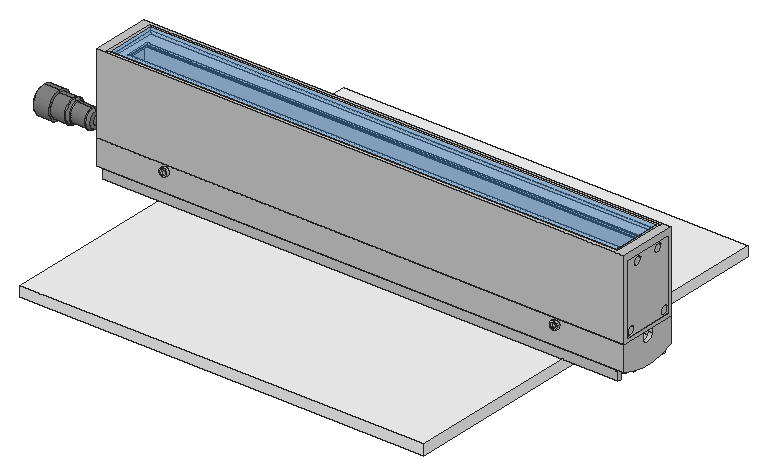
Revit family "BE_77154_de_DE", category Leuchten, Revit 2015
Parameters (values of type "BEGA_77154_Silber_K4")
  built-in parameter 1150104 = 13.686 (stored number, unit not read)
  Wattage = 16.8 W
  Default Elevation = 0 mm
  built-in parameter 1150113 = 1 (stored number, unit not read)
  built-in parameter 1114218 = 1 (stored number, unit not read)
  Umgebungstemperatur = "25 °C"
  URL = "http://www.bega.de/produkt/77154"
  Typenkommentare = "© 2017 BEGA. Wir behalten uns das Recht vor, technische Änderungen ohne vorherige Ankündigung vorzunehmen."  # constant formula
  Type Image = 77154.png
  built-in parameter 1150134 = 12
  built-in parameter 1150109 = 1 (stored number, unit not read)
  Strom = ""
  built-in parameter 1150110 = 1 (stored number, unit not read)
  Spannung = 239.996 V
  Sonderanfertigung = no
  Seriennummer [instance] = "Hier können Sie die eindeutige Seriennummer für das Facility Management eintragen."
  Schutzklasse = "I"
  Schutzart = "IP 65"
  Scheinlast = 0 VA
  Produktdatenblatt = "http://www.bega.de/download/Xrfa/db/77154.db.de.pdf"
  Oberflächentemperatur = ""
  Neigungswinkel = 0.00°
  Modell = "77154A"
  Material_18 = BEGA_Gummi_schwarz
  Material_17 = BEGA_Reflektor
  Material_15 = BEGA_Leuchtmedium_matt
  Material_11 = BEGA_Glas_opal
  Material_10 = BEGA_Glas_matt
  Material_09 = BEGA_Glas_klar
  Material_06 = BEGA_Oberfläche_Edelstahl_gebürstet
  Material_04 = BEGA_Kunststoff_Grafit_matt
  Material_03 = BEGA_Oberfläche_Weiss_matt
  Material_02 = BEGA_Oberfläche_Silber_matt
  Material_01 [instance] = BEGA_Oberfläche_Grafit_matt
  M_G = no
  M_A = yes
  Logo = 0
  built-in parameter 1114217 = 1 (stored number, unit not read)
  built-in parameter 1150139 = (empty or 0)
  built-in parameter 1150105 = 196.95 (stored number, unit not read)
  built-in parameter 1150114 = 1 (stored number, unit not read)
  Lumens = 2474.98 lm
  built-in parameter 1150115 = 1 (stored number, unit not read)
  Leuchtenlichtstrom = "1172 lm"
  Leuchtenanzahl = ""
  Lebensdauerkriterien = "L70 = 50.000 h"
  Lastklassifizierung = Beleuchtung
  built-in parameter 1150112 = 1 (stored number, unit not read)
  Lampenlichtstrom = "2475 lm"
  Lampe = "LED 16.8 W"
  LED_Modulbezeichnung = "LED-0612/840"
  built-in parameter 1150142 = (empty or 0)
  Hersteller = "BEGA"  # constant formula
  Halbstreuwinkel = ""
  Gewicht = "3.0 kg"
  Gebrauchslageneinschränkung [instance] = ""
  Frequenz = "0/50-60 Hz"
  Farbwiedergabeindex = "Ra > 80"
  Farbtemperaturverschiebung bei Dämpfen der Lampe = <Keine Auswahl>
  Farbtemperatur = "4000 K"
  Color Filter = 16777215
  built-in parameter 1150133 = 10 (stored number, unit not read)
  Energieeffizienzklasse = "LED A++ - A"
  built-in parameter 1150137 = (empty or 0)
  built-in parameter 1150132 = (empty or 0)
  ENEC = ""
  Dimmbar [instance] = "DALI"
  Datei für fotometrisches Netz = "BE_77154.IES"
  CE_Konformität = "ja"
  Bestellnummer = "77154A"
  Beschreibung_Sonderanfertigung = "Hier können Sie Informationen zur Sonderanfertigung eintragen."
  Beschreibung = "Fassadenscheinwerfer"
  built-in parameter 1150106 = 1.9695 (stored number, unit not read)
  Befestigungsbohrung = "Ø 7 mm"
  Befestigungsabstand = "400 mm"
  Ballwurfsicher = ""
  BEGA_Intern_aus = yes
  BEGA_Intern_an = yes
  BEGA_Intern_Konstruktion = yes
  BEGA_Intern = yes
  BEGA_IES = yes
  BEGA_Dummy = no
  Anschlussleitung = "0.5 m X05BQ-F 5 G 1²"
  Anschlussleistung [instance] = "19.5 W"
  built-in parameter 1150107 = 4000 (stored number, unit not read)
  built-in parameter 1150102 = (empty or 0)
  built-in parameter 1150138 = (empty or 0)
  Aktualisierung = "2017-01-26T04:13:31"
  Abstand_zur_angestrahlten_Fläche [instance] = ""
  AC/DC = "AC/DC"
Types (4, lengths in mm): name | built-in parameter 1150104 | built-in parameter 1150134 | Modell | M_G | M_A | built-in parameter 1150105 | Lumens | Leuchtenlichtstrom | Lampenlichtstrom | LED_Modulbezeichnung | Farbtemperatur | Datei für fotometrisches Netz | Bestellnummer | built-in parameter 1150106 | built-in parameter 1150107
  BEGA_77154_Silber_K4 | 13.686 (stored number, unit not read) | 12 | "77154A" | no | yes | 196.95 (stored number, unit not read) | 2474.98 lm | "1172 lm" | "2475 lm" | "LED-0612/840" | "4000 K" | "BE_77154.IES" | "77154A" | 1.9695 (stored number, unit not read) | 4000 (stored number, unit not read)
  BEGA_77154_Silber_K3 | 12.525 (stored number, unit not read) | (empty or 0) | "77154AK3" | no | yes | 180.24 (stored number, unit not read) | 2264.98 lm | "1072 lm" | "2265 lm" | "LED-0612/830" | "3000 K" | "BE_77154K3.IES" | "77154AK3" | 1.8024 (stored number, unit not read) | 3000 (stored number, unit not read)
  BEGA_77154_Grafit_K3 | 12.525 (stored number, unit not read) | (empty or 0) | "77154K3" | yes | no | 180.24 (stored number, unit not read) | 2264.98 lm | "1072 lm" | "2265 lm" | "LED-0612/830" | "3000 K" | "BE_77154K3.IES" | "77154K3" | 1.8024 (stored number, unit not read) | 3000 (stored number, unit not read)
  BEGA_77154_Grafit_K4 | 13.686 (stored number, unit not read) | 12 | "77154" | yes | no | 196.95 (stored number, unit not read) | 2474.98 lm | "1172 lm" | "2475 lm" | "LED-0612/840" | "4000 K" | "BE_77154.IES" | "77154" | 1.9695 (stored number, unit not read) | 4000 (stored number, unit not read)
Reference planes
  plane 1 "Mitte (Vorne/Hinten)": y = 0
  plane 2: z = 0
  plane 3 "Mitte (Links/Rechts)": x = 0
  plane 4 "Links": x = -261
  plane 5 "Rechts": x = 261
  plane 6 "Unten": y = -29
  plane 7 "Oben": y = 29
  plane 8 "Vorne": z = 113.3
  plane 9 "Hinten": z = 0
Forms (mm)
  Extrusion 1, solid, material "BEGA_Platte_Weiss"
    sketch origin (0, -1119.2, 0) x (1, 0, 0) y (0, 1, 0)
      loop
        line (-200, 1319.2) -> (-200, 919.2) -> (200, 919.2) -> (200, 1319.2) -> (-200, 1319.2)
    from 0 to -10
  Extrusion 2, solid, material "BEGA_Dummy_matt", visible <- "BEGA_Dummy"
    sketch origin (80.095, -76.023, 0) x (1, 0, 0) y (0, 1, 0)
      loop
        line (-341.095, 105.023) -> (-341.095, 47.023) -> (180.905, 47.023) -> (180.905, 105.023) -> (-341.095, 105.023)
    from 0 to 113.3
Dimensions and locks
  plane 1 "Mitte (Vorne/Hinten)" to Extrusion 1 = 200 mm
  aligned and locked: plane 2 to Extrusion 1
  aligned and locked: level to Extrusion 1
Nested families
  nested 1: "BE_77154_Scheinwerfer" at (0, 0, 0), type "BE_77154_Scheinwerfer"
Connectors
  electrical at (0, 0, 0), driven by "Lastklassifizierung", driven by "Spannung", driven by "Scheinlast"
    settings: index 1, voltage 239.996 V, apparent load 0 VA, apparent load phase1 0 VA, apparent load phase2 0 VA, apparent load phase3 0 VA, power factor 1, load classification "Beleuchtung", number of poles 1, system type 31, power factor state 1, is connector primary yes, connector utility no, sub classification motor no, connector description ""
Definition of nested family "BE_77154_Scheinwerfer"
  Parameters (values of type "BE_77154_Scheinwerfer")
    Default Elevation = 1 mm
    URL = "http://www.bega.de/de/produkt"
    Type Comments = "© 2015 BEGA. Wir behalten uns das Recht vor, technische Änderungen ohne vorherige Ankündigung vorzunehmen. "  # constant formula
    Type Image = (empty or 0)
    Material_18 = none
    Material_17 = none
    Material_15 = none
    Material_11 = none
    Material_10 = none
    Material_09 = none
    Material_06 = none
    Material_04 = none
    Material_03 = none
    Material_02 = none
    Material_01 = none
    M_W = yes
    M_G = yes
    M_A = yes
    Länge_Platte = 600 mm  # constant formula
    Höhe_Platte = -10 mm  # constant formula
    Manufacturer = "BEGA"  # constant formula
    Breite_Platte = 200 mm  # constant formula
  Reference planes
    plane 1 "Mitte (Oben/Unten)": y = 0
    plane 2: z = 0
    plane 3 "Mitte (Links/Rechts)": x = 0
    plane 4: x = -342.9
    plane 5: x = 261
    plane 6: z = 113.3
    plane 7: y = -29
    plane 8: y = 29
  Forms (mm)
    Extrusion 1, solid, detail levels medium
      sketch origin (0, 0, 0) x (1, 0, 0) y (0, 1, 0)
        loop
          line (-300, 100) -> (-300, -100) -> (300, -100) -> (300, 100) -> (-300, 100)
      from 0 to -10 <- "Höhe_Platte"
    Extrusion 2, solid, material <- "Material_01", visible <- "M_G", detail levels medium+fine
      sketch origin (0, 0, 0) x (0, 1, 0) y (0, 0, 1)
        loop
          line (-29, 0) -> (-26.3, 0) -> (-26.3, 4.91)
          arc (-26.3, 4.91) -> (-26.086, 5.32) -> (-25.627, 5.379) r 0.5
          arc (-25.627, 5.379) -> (-17.92, 3.003) -> (-10, 1.479) r 74
          line (-10, 1.479) -> (-10, 0.2) -> (10, 0.2) -> (10, 1.482)
          arc (10, 1.482) -> (17.921, 3.006) -> (25.629, 5.383) r 73.998
          arc (25.629, 5.383) -> (26.086, 5.326) -> (26.299, 4.918) r 0.497
          line (26.299, 4.918) -> (26.299, 0) -> (29, 0) -> (29, 8.899)
          arc (29, 8.899) -> (28.775, 9.317) -> (28.302, 9.358) r 0.5
          arc (28.302, 9.358) -> (0, 3.5) -> (-28.301, 9.358) r 71.3
          arc (-28.301, 9.358) -> (-28.774, 9.317) -> (-29, 8.899) r 0.5
          line (-29, 8.899) -> (-29, 0)
      from -255 to 255
    Extrusion 3, solid, material <- "Material_01", visible <- "M_G", detail levels medium+fine
      sketch origin (0, 0, 0) x (0, 1, 0) y (0, 0, 1)
        loop
          arc (-29, 9.993) -> (0, 3.8) -> (29, 9.993) r 71
          line (29, 9.993) -> (29, 34.8) -> (25.401, 34.8) -> (25.401, 12.395)
          arc (25.401, 12.395) -> (0, 7.696) -> (-25.401, 12.395) r 71
          line (-25.401, 12.395) -> (-25.401, 34.8) -> (-29, 34.8) -> (-29, 9.993)
      from -261 to 261
    Sweep 4, solid, material <- "Material_01", visible <- "M_G", detail levels medium+fine
      path origin (0, 0, 0) x (1, 0, 0) y (0, 1, 0)
        loop
          line (-261, 29) -> (-261, -29) -> (261, -29) -> (261, 29) -> (-261, 29)
      profile origin (-261, 0, 0) x (1, 0, 0) y (0, 0, 1)
        loop
          line (0, 113.3) -> (0, 34.8) -> (11, 34.8) -> (11, 40.679) -> (3.5, 40.679) -> (3.5, 103.406) -> (17.035, 103.406)
          arc (17.035, 103.406) -> (17.719, 103.711) -> (18, 104.406) r 1
          line (18, 104.406) -> (18, 105.896)
          arc (18, 105.896) -> (17.713, 106.596) -> (17.017, 106.895) r 1
          line (17.017, 106.895) -> (11.125, 106.895) -> (8.794, 113.3) -> (0, 113.3)
    Extrusion 5, void
      sketch origin (0, 0, 0) x (1, 0, 0) y (0, 0, 1)
        loop
          line (261, 37.756) -> (261, 107.746) -> (258.218, 107.746) -> (258.218, 37.756) -> (261, 37.756)
      from -26.267 to 26.244
    Extrusion 6, solid, material <- "Material_01", visible <- "M_G", detail levels medium+fine
      sketch origin (0, 0, 0) x (1, 0, 0) y (0, 0, 1)
        loop
          line (260.719, 106.748) -> (258.218, 106.748) -> (258.218, 38.353) -> (260.719, 38.353) -> (260.719, 106.748)
      from -25.5 to 25.5
    Extrusion 7, solid, material <- "Material_01", visible <- "M_G", detail levels medium+fine
      sketch origin (0, 0, 0) x (0, 1, 0) y (0, 0, 1)
        loop
          line (-29, 34.8) -> (-29, 9.993)
          arc (-29, 9.993) -> (0, 3.8) -> (29, 9.993) r 71
          line (29, 9.993) -> (29, 34.8) -> (6, 34.8) -> (6, 29.8)
          arc (6, 29.8) -> (0, 23.8) -> (-6, 29.8) r 6
          line (-6, 29.8) -> (-6, 34.8) -> (-29, 34.8)
      from 257 to 261
    Extrusion 8, solid, material <- "Material_01", visible <- "M_G", detail levels medium+fine
      sketch origin (0, 0, 0) x (0, 1, 0) y (0, 0, -1)
        loop
          line (-29, -34.8) -> (-6, -34.8) -> (-6, -29.8)
          arc (-6, -29.8) -> (0, -23.8) -> (6, -29.8) r 6
          line (6, -29.8) -> (6, -34.8) -> (29, -34.8) -> (29, -10.487)
          arc (29, -10.487) -> (0, -4.294) -> (-29, -10.487) r 71
          line (-29, -10.487) -> (-29, -34.8)
      from 257 to 261
    Extrusion 9, void
      sketch origin (0, 0, 0) x (1, 0, 0) y (0, 1, 0)
        loop
          circle (0, 0) r 7.5
        loop
          circle (-200, 0) r 3.5
        loop
          circle (200, 0) r 3.5
      from 0 to 10
    Revolve 10, solid, material <- "Material_01", visible <- "M_G", detail levels medium+fine
      sketch origin (-193, 0, 0) x (0, 1, 0) y (0, 0, 1)
        loop
          line (-31.453, 32.75) -> (-31.453, 31.8) -> (-27.5, 31.8) -> (-27.5, 32.75) -> (-31.453, 32.75)
        axis (-31.453, 28.8) -> (-27.5, 28.8)
      angle from 0 to 360
    Revolve 11, solid, material <- "Material_01", visible <- "M_G", detail levels medium+fine
      sketch origin (193, 0, 0) x (0, 1, 0) y (0, 0, -1)
        loop
          line (-31.453, -32.75) -> (-27.5, -32.75) -> (-27.5, -31.8) -> (-31.453, -31.8) -> (-31.453, -32.75)
        axis (-31.453, -28.8) -> (-27.5, -28.8)
      angle from 0 to 360
    Revolve 12, solid, material <- "Material_06", detail levels fine
      sketch origin (-193, 0, 0) x (0, 1, 0) y (0, 0, 1)
        loop
          line (-30.053, 31.8) -> (-30.053, 28.8) -> (-26.193, 28.8) -> (-26.193, 31.8) -> (-30.053, 31.8)
        axis (-30.053, 28.8) -> (-26.193, 28.8)
      angle from 0 to 360
    Revolve 13, solid, material <- "Material_06", detail levels fine
      sketch origin (193, 0, 0) x (0, 1, 0) y (0, 0, -1)
        loop
          line (-30.053, -31.8) -> (-26.193, -31.8) -> (-26.193, -28.8) -> (-30.053, -28.8) -> (-30.053, -31.8)
        axis (-30.053, -28.8) -> (-26.193, -28.8)
      angle from 0 to 360
    Revolve 14, solid, material <- "Material_04", detail levels medium+fine
      sketch origin (0, 0, 0) x (1, 0, 0) y (0, 0, 1)
        loop
          line (-320.8, 43.3) -> (-335.5, 43.3) -> (-336.7, 42.1) -> (-336.7, 32.8) -> (-342.9, 32.8) -> (-342.9, 29.8) -> (-260.5, 29.8) -> (-260.5, 34.15) -> (-284, 34.15) -> (-284, 37.8) -> (-287, 39.3) -> (-288, 39.3)
          arc (-288, 39.3) -> (-288.146, 38.947) -> (-288.5, 38.8) r 0.5
          line (-288.5, 38.8) -> (-302.464, 38.8)
          arc (-302.464, 38.8) -> (-303.418, 38.99) -> (-304.228, 39.528) r 2.5
          line (-304.228, 39.528) -> (-305.707, 41.008)
          arc (-305.707, 41.008) -> (-306.032, 41.224) -> (-306.414, 41.3) r 1
          line (-306.414, 41.3) -> (-320, 41.3) -> (-320, 39.8) -> (-320.8, 39.8) -> (-320.8, 43.3)
        axis (-342.9, 29.8) -> (-260.5, 29.8)
      angle from 0 to 360
    Revolve 15, void
      sketch origin (0, -12.5, -0.101) x (1, 0, 0) y (0, 0, 1)
        loop
          line (261.225, 106.482) -> (258.494, 103.752) -> (258.494, 101.902) -> (261.225, 101.902) -> (261.225, 106.482)
        axis (258.494, 101.902) -> (261.225, 101.902)
      angle from 0 to 360
    Revolve 16, void
      sketch origin (0, 12.5, -0.101) x (1, 0, 0) y (0, 0, -1)
        loop
          line (261.225, -106.482) -> (261.225, -101.902) -> (258.494, -101.902) -> (258.494, -103.752) -> (261.225, -106.482)
        axis (258.494, -101.902) -> (261.225, -101.902)
      angle from 0 to 360
    Revolve 17, void
      sketch origin (0, -20.5, -58.602) x (1, 0, 0) y (0, 0, 1)
        loop
          line (261.225, 106.482) -> (258.494, 103.752) -> (258.494, 101.902) -> (261.225, 101.902) -> (261.225, 106.482)
        axis (258.494, 101.902) -> (261.225, 101.902)
      angle from 0 to 360
    Revolve 18, void
      sketch origin (0, 20.5, -58.602) x (1, 0, 0) y (0, 0, -1)
        loop
          line (261.225, -106.482) -> (261.225, -101.902) -> (258.494, -101.902) -> (258.494, -103.752) -> (261.225, -106.482)
        axis (258.494, -101.902) -> (261.225, -101.902)
      angle from 0 to 360
    Extrusion 19, solid, material <- "Material_06", detail levels fine
      sketch origin (0, 0, 0) x (0, 1, 0) y (0, 0, 1)
        loop
          circle (-12.5, 101.8) r 4.009
        loop
          circle (12.5, 101.8) r 4.009
        loop
          circle (-20.5, 43.3) r 4.009
        loop
          circle (20.5, 43.3) r 4.009
      from 259.244 to 260.506
    Extrusion 20, solid, material <- "Material_10", detail levels medium+fine
      sketch origin (0, 0, 0) x (1, 0, 0) y (0, 0, 1)
        loop
          line (-250.25, 113) -> (-250.25, 109) -> (250.25, 109) -> (250.25, 113) -> (-250.25, 113)
      from -25 to 25
    Sweep 21, void
      path origin (0, 0, 0) x (1, 0, 0) y (0, 1, 0)
        loop
          line (255, 29) -> (-255, 29) -> (-255, -29) -> (255, -29) -> (255, 29)
      profile origin (0, 29, 0) x (0, -1, 0) y (0, 0, 1)
        loop
          line (12.06, 106.895) -> (9.517, 113.881) -> (2.237, 113.881) -> (4.779, 106.895) -> (12.06, 106.895)
    Extrusion 22, solid, material <- "Material_02", visible <- "M_A", detail levels medium+fine
      sketch origin (0, 0, 0) x (0, 1, 0) y (0, 0, 1)
        loop
          line (-29, 0) -> (-26.3, 0) -> (-26.3, 4.91)
          arc (-26.3, 4.91) -> (-26.086, 5.32) -> (-25.627, 5.379) r 0.5
          arc (-25.627, 5.379) -> (-17.92, 3.003) -> (-10, 1.479) r 74
          line (-10, 1.479) -> (-10, 0.2) -> (10, 0.2) -> (10, 1.482)
          arc (10, 1.482) -> (17.921, 3.006) -> (25.629, 5.383) r 73.998
          arc (25.629, 5.383) -> (26.086, 5.326) -> (26.299, 4.918) r 0.497
          line (26.299, 4.918) -> (26.299, 0) -> (29, 0) -> (29, 8.899)
          arc (29, 8.899) -> (28.775, 9.317) -> (28.302, 9.358) r 0.5
          arc (28.302, 9.358) -> (0, 3.5) -> (-28.301, 9.358) r 71.3
          arc (-28.301, 9.358) -> (-28.774, 9.317) -> (-29, 8.899) r 0.5
          line (-29, 8.899) -> (-29, 0)
      from -255 to 255
    Extrusion 23, solid, material <- "Material_02", visible <- "M_A", detail levels medium+fine
      sketch origin (0, 0, 0) x (0, 1, 0) y (0, 0, 1)
        loop
          arc (-29, 9.993) -> (0, 3.8) -> (29, 9.993) r 71
          line (29, 9.993) -> (29, 34.8) -> (25.401, 34.8) -> (25.401, 12.395)
          arc (25.401, 12.395) -> (0, 7.696) -> (-25.401, 12.395) r 71
          line (-25.401, 12.395) -> (-25.401, 34.8) -> (-29, 34.8) -> (-29, 9.993)
      from -261 to 261
    Extrusion 24, solid, material <- "Material_02", visible <- "M_A", detail levels medium+fine
      sketch origin (0, 0, 0) x (0, 1, 0) y (0, 0, 1)
        loop
          line (-29, 34.8) -> (-29, 9.993)
          arc (-29, 9.993) -> (0, 3.8) -> (29, 9.993) r 71
          line (29, 9.993) -> (29, 34.8) -> (6, 34.8) -> (6, 29.8)
          arc (6, 29.8) -> (0, 23.8) -> (-6, 29.8) r 6
          line (-6, 29.8) -> (-6, 34.8) -> (-29, 34.8)
      from 257 to 261
    Extrusion 25, solid, material <- "Material_02", visible <- "M_A", detail levels medium+fine
      sketch origin (0, 0, 0) x (0, 1, 0) y (0, 0, -1)
        loop
          line (-29, -34.8) -> (-6, -34.8) -> (-6, -29.8)
          arc (-6, -29.8) -> (0, -23.8) -> (6, -29.8) r 6
          line (6, -29.8) -> (6, -34.8) -> (29, -34.8) -> (29, -10.487)
          arc (29, -10.487) -> (0, -4.294) -> (-29, -10.487) r 71
          line (-29, -10.487) -> (-29, -34.8)
      from 257 to 261
    Revolve 26, solid, material <- "Material_02", visible <- "M_A", detail levels medium+fine
      sketch origin (-193, 0, 0) x (0, 1, 0) y (0, 0, 1)
        loop
          line (-31.453, 32.75) -> (-31.453, 31.8) -> (-27.5, 31.8) -> (-27.5, 32.75) -> (-31.453, 32.75)
        axis (-31.453, 28.8) -> (-27.5, 28.8)
      angle from 0 to 360
    Revolve 27, solid, material <- "Material_02", visible <- "M_A", detail levels medium+fine
      sketch origin (193, 0, 0) x (0, 1, 0) y (0, 0, -1)
        loop
          line (-31.453, -32.75) -> (-27.5, -32.75) -> (-27.5, -31.8) -> (-31.453, -31.8) -> (-31.453, -32.75)
        axis (-31.453, -28.8) -> (-27.5, -28.8)
      angle from 0 to 360
    Sweep 28, solid, material <- "Material_02", visible <- "M_A", detail levels medium+fine
      path origin (0, 0, 0) x (1, 0, 0) y (0, 1, 0)
        loop
          line (-261, 29) -> (-261, -29) -> (261, -29) -> (261, 29) -> (-261, 29)
      profile origin (-261, 0, 0) x (1, 0, 0) y (0, 0, 1)
        loop
          line (0, 113.3) -> (0, 34.8) -> (11, 34.8) -> (11, 40.679) -> (3.5, 40.679) -> (3.5, 103.406) -> (17.035, 103.406)
          arc (17.035, 103.406) -> (17.719, 103.711) -> (18, 104.406) r 1
          line (18, 104.406) -> (18, 105.896)
          arc (18, 105.896) -> (17.713, 106.596) -> (17.017, 106.895) r 1
          line (17.017, 106.895) -> (11.125, 106.895) -> (8.794, 113.3) -> (0, 113.3)
    Extrusion 29, solid, material <- "Material_02", visible <- "M_A", detail levels medium+fine
      sketch origin (0, 0, 0) x (1, 0, 0) y (0, 0, 1)
        loop
          line (260.719, 106.748) -> (258.218, 106.748) -> (258.218, 38.353) -> (260.719, 38.353) -> (260.719, 106.748)
      from -25.5 to 25.5
  Cuts and joins
    Extrusion 5, Sweep 21 cuts Sweep 4
    Extrusion 9 cuts Extrusion 3
    Extrusion 9 cuts Extrusion 7
    Extrusion 9 cuts Extrusion 8
    joined: Extrusion 3, Extrusion 7, Extrusion 8, Revolve 10, Revolve 11
    Extrusion 9 cuts Extrusion 2
    Revolve 15, Revolve 16, Revolve 17, Revolve 18 cuts Extrusion 6
    Extrusion 9 cuts Extrusion 22
    joined: Extrusion 23, Extrusion 24, Extrusion 25, Revolve 26, Revolve 27
    Extrusion 5, Sweep 21 cuts Sweep 28
    Revolve 15, Revolve 16, Revolve 17, Revolve 18 cuts Extrusion 29
  Dimensions and locks
    equal spacing: Extrusion 1 sketch curve, plane 3 "Mitte (Links/Rechts)", Extrusion 1 sketch curve
    equal spacing: Extrusion 1 sketch curve, plane 1 "Mitte (Oben/Unten)", Extrusion 1 sketch curve
    "Länge_Platte": Extrusion 1 sketch curve to Extrusion 1 sketch curve
    "Breite_Platte": Extrusion 1 sketch curve to Extrusion 1 sketch curve
    level to Extrusion 3 = 34.8 mm
    aligned and locked: Extrusion 1 to plane 2
    aligned and locked: level to Extrusion 1
  Automatic sketch dimensions
    Extrusion 2 sketch curve to Extrusion 2 sketch curve = 0 mm  (x5)
    Extrusion 2 sketch curve to level = 0 mm  (x2)
    level to Extrusion 2 sketch curve = 8.899 mm
    plane 1 "Mitte (Oben/Unten)" to Extrusion 2 sketch curve = 29 mm
    Extrusion 2 sketch curve to Extrusion 2 sketch curve = 0.5 mm  (x2)
    Extrusion 2 sketch curve to Extrusion 2 sketch curve = 2.7 mm
    level to Extrusion 2 sketch curve = 0.2 mm
    plane 1 "Mitte (Oben/Unten)" to Extrusion 2 sketch curve = 10 mm
    Extrusion 2 sketch curve to plane 1 "Mitte (Oben/Unten)" = 0 mm  (x2)
    Extrusion 2 sketch curve to plane 1 "Mitte (Oben/Unten)" = 10 mm
    level to Extrusion 2 sketch curve = 4.918 mm
    Extrusion 2 sketch curve to Extrusion 2 sketch curve = 15.802 mm
    Extrusion 2 sketch curve to Extrusion 2 sketch curve = 0.497 mm
    Extrusion 2 sketch curve to Extrusion 2 sketch curve = 2.201 mm
    Extrusion 2 sketch curve to Extrusion 2 sketch curve = 2.701 mm
    Extrusion 2 sketch curve to Extrusion 2 sketch curve = 1.279 mm
    Extrusion 2 sketch curve to Extrusion 2 sketch curve = 1.282 mm
    Extrusion 2 sketch curve to Extrusion 2 sketch curve = 3.989 mm
    Extrusion 2 sketch curve to Extrusion 2 sketch curve = 3.981 mm
    Extrusion 2 sketch curve to Extrusion 2 sketch curve = 65.901 mm
    Extrusion 2 sketch curve to Extrusion 2 sketch curve = 0.002 mm
    Extrusion 2 sketch curve to Extrusion 2 sketch curve = 0.198 mm  (x2)
    Extrusion 3 sketch curve to plane 1 "Mitte (Oben/Unten)" = 0 mm  (x2)
    plane 1 "Mitte (Oben/Unten)" to Extrusion 3 sketch curve = 25.401 mm
    Extrusion 3 sketch curve to Extrusion 3 sketch curve = 3.599 mm  (x2)
    level to Extrusion 3 sketch curve = 12.395 mm
    Extrusion 3 sketch curve to plane 1 "Mitte (Oben/Unten)" = 25.401 mm
    Extrusion 3 sketch curve to Extrusion 3 sketch curve = 2.402 mm
    Extrusion 3 sketch curve to Extrusion 3 sketch curve = 22.405 mm  (x2)
    Extrusion 3 sketch curve to Extrusion 3 sketch curve = 40 mm
    Extrusion 3 sketch curve to Extrusion 3 sketch curve = 3.895 mm
    plane 1 "Mitte (Oben/Unten)" to Sweep 4 sketch curve = 29 mm
    Sweep 4 sketch curve to plane 3 "Mitte (Links/Rechts)" = 261 mm
    plane 3 "Mitte (Links/Rechts)" to Sweep 4 sketch curve = 261 mm
    Sweep 4 sketch curve to plane 1 "Mitte (Oben/Unten)" = 29 mm
    profile plane to Sweep 4 sketch curve = 0 mm
    Sweep 4 sketch curve to profile plane = 3.5 mm
    Sweep 4 sketch curve to profile plane = 8.794 mm
    Sweep 4 sketch curve to Sweep 4 sketch curve = 7.5 mm
    Sweep 4 sketch curve to Sweep 4 sketch curve = 2.331 mm
    Sweep 4 sketch curve to Sweep 4 sketch curve = 5.875 mm
    Sweep 4 sketch curve to Sweep 4 sketch curve = 0 mm
    Sweep 4 sketch curve to Sweep 4 sketch curve = 0.017 mm
    Sweep 4 sketch curve to Sweep 4 sketch curve = 0.035 mm
    Sweep 4 sketch curve to Sweep 4 sketch curve = 1 mm
    level to Sweep 4 sketch curve = 34.8 mm
    Sweep 4 sketch curve to Sweep 4 sketch curve = 5.878 mm
    Sweep 4 sketch curve to Sweep 4 sketch curve = 62.728 mm
    Sweep 4 sketch curve to Sweep 4 sketch curve = 1.49 mm
    Sweep 4 sketch curve to Sweep 4 sketch curve = 9.894 mm
    level to Extrusion 5 sketch curve = 37.756 mm
    plane 3 "Mitte (Links/Rechts)" to Extrusion 5 sketch curve = 258.218 mm
    Extrusion 5 sketch curve to Extrusion 5 sketch curve = 2.782 mm
    Extrusion 5 sketch curve to Extrusion 5 sketch curve = 69.99 mm
    level to Extrusion 6 sketch curve = 38.353 mm
    plane 3 "Mitte (Links/Rechts)" to Extrusion 6 sketch curve = 258.218 mm
    Extrusion 6 sketch curve to Extrusion 6 sketch curve = 2.501 mm
    Extrusion 6 sketch curve to Extrusion 6 sketch curve = 68.395 mm
    Extrusion 7 sketch curve to plane 1 "Mitte (Oben/Unten)" = 0 mm  (x2)
    plane 1 "Mitte (Oben/Unten)" to Extrusion 7 sketch curve = 6 mm
    Extrusion 7 sketch curve to Extrusion 7 sketch curve = 23 mm
    level to Extrusion 7 sketch curve = 9.993 mm
    Extrusion 7 sketch curve to plane 1 "Mitte (Oben/Unten)" = 29 mm
    level to Extrusion 7 sketch curve = 29.8 mm
    Extrusion 7 sketch curve to Extrusion 7 sketch curve = 5 mm  (x2)
    Extrusion 7 sketch curve to Extrusion 7 sketch curve = 40 mm
    Extrusion 8 sketch curve to plane 1 "Mitte (Oben/Unten)" = 0 mm  (x2)
    plane 1 "Mitte (Oben/Unten)" to Extrusion 8 sketch curve = 6 mm
    Extrusion 8 sketch curve to Extrusion 8 sketch curve = 23 mm
    level to Extrusion 8 sketch curve = 10.487 mm
    Extrusion 8 sketch curve to plane 1 "Mitte (Oben/Unten)" = 29 mm
    level to Extrusion 8 sketch curve = 29.8 mm
    Extrusion 8 sketch curve to Extrusion 8 sketch curve = 5 mm  (x2)
    Extrusion 8 sketch curve to Extrusion 8 sketch curve = 40.494 mm
    Extrusion 9 sketch curve to plane 1 "Mitte (Oben/Unten)" = 0 mm
    plane 1 "Mitte (Oben/Unten)" to Extrusion 9 sketch curve = 0 mm  (x2)
    Extrusion 9 sketch curve to plane 3 "Mitte (Links/Rechts)" = 0 mm
    Extrusion 9 sketch curve to Extrusion 9 sketch curve = 200 mm
    plane 3 "Mitte (Links/Rechts)" to Extrusion 9 sketch curve = 200 mm
    plane 1 "Mitte (Oben/Unten)" to Revolve 10 sketch curve = 31.453 mm
    Revolve 10 sketch curve to Revolve 10 sketch curve = 3.953 mm
    level to Revolve 10 sketch curve = 31.8 mm
    Revolve 10 sketch curve to Revolve 10 sketch curve = 0.95 mm
    Revolve 10 sketch curve to Revolve 10 sketch curve = 0.641 mm
    Revolve 10 sketch curve to Revolve 10 sketch curve = 2.294 mm
    Revolve 10 sketch curve to Revolve 10 sketch curve = 3 mm
    plane 1 "Mitte (Oben/Unten)" to Revolve 11 sketch curve = 31.453 mm
    Revolve 11 sketch curve to Revolve 11 sketch curve = 3.953 mm
    level to Revolve 11 sketch curve = 32.75 mm
    Revolve 11 sketch curve to Revolve 11 sketch curve = 0.95 mm
    Revolve 11 sketch curve to Revolve 11 sketch curve = 0.641 mm
    Revolve 11 sketch curve to Revolve 11 sketch curve = 2.294 mm
    Revolve 11 sketch curve to Revolve 11 sketch curve = 3 mm
    plane 1 "Mitte (Oben/Unten)" to Revolve 12 sketch curve = 30.053 mm
    Revolve 12 sketch curve to Revolve 12 sketch curve = 3.861 mm
    level to Revolve 12 sketch curve = 28.8 mm
    Revolve 12 sketch curve to Revolve 12 sketch curve = 3 mm
    Revolve 12 sketch curve to Revolve 12 sketch curve = 1.053 mm
    Revolve 12 sketch curve to Revolve 12 sketch curve = 1.25 mm
    Revolve 12 sketch curve to Revolve 12 sketch curve = 0 mm
    plane 1 "Mitte (Oben/Unten)" to Revolve 13 sketch curve = 30.053 mm
    Revolve 13 sketch curve to Revolve 13 sketch curve = 3.861 mm
    level to Revolve 13 sketch curve = 31.8 mm
    Revolve 13 sketch curve to Revolve 13 sketch curve = 3 mm
    Revolve 13 sketch curve to Revolve 13 sketch curve = 1.053 mm
    Revolve 13 sketch curve to Revolve 13 sketch curve = 1.25 mm
    Revolve 13 sketch curve to Revolve 13 sketch curve = 0 mm
    level to Revolve 14 sketch curve = 29.8 mm
    Revolve 14 sketch curve to plane 3 "Mitte (Links/Rechts)" = 342.9 mm
    level to Revolve 14 sketch curve = 42.1 mm
    Revolve 14 sketch curve to Revolve 14 sketch curve = 6.2 mm
    level to Revolve 14 sketch curve = 43.3 mm
    Revolve 14 sketch curve to Revolve 14 sketch curve = 1.2 mm
    Revolve 14 sketch curve to Revolve 14 sketch curve = 14.7 mm
    Revolve 14 sketch curve to Revolve 14 sketch curve = 0.8 mm
    Revolve 14 sketch curve to Revolve 14 sketch curve = 13.586 mm
    level to Revolve 14 sketch curve = 39.528 mm
    Revolve 14 sketch curve to Revolve 14 sketch curve = 2.187 mm
    Revolve 14 sketch curve to Revolve 14 sketch curve = 1.763 mm
    Revolve 14 sketch curve to Revolve 14 sketch curve = 13.964 mm
    Revolve 14 sketch curve to Revolve 14 sketch curve = 0.5 mm
    Revolve 14 sketch curve to Revolve 14 sketch curve = 1 mm  (x2)
    level to Revolve 14 sketch curve = 37.8 mm
    Revolve 14 sketch curve to Revolve 14 sketch curve = 3 mm  (x2)
    Revolve 14 sketch curve to Revolve 14 sketch curve = 23.5 mm
    Revolve 14 sketch curve to Revolve 14 sketch curve = 4.35 mm
    Revolve 14 sketch curve to Revolve 14 sketch curve = 3.5 mm
    Revolve 14 sketch curve to Revolve 14 sketch curve = 0.772 mm
    Revolve 14 sketch curve to Revolve 14 sketch curve = 1.5 mm
    Revolve 14 sketch curve to Revolve 14 sketch curve = 0.707 mm
    level to Revolve 14 sketch curve = 41.008 mm
    Revolve 14 sketch curve to Revolve 14 sketch curve = 0 mm
    Revolve 14 sketch curve to Revolve 14 sketch curve = 3.702 mm
    Revolve 14 sketch curve to Revolve 14 sketch curve = 7.729 mm
    Revolve 14 sketch curve to Revolve 14 sketch curve = 9 mm
    level to Revolve 15 sketch curve = 101.8 mm
    plane 3 "Mitte (Links/Rechts)" to Revolve 15 sketch curve = 258.494 mm
    Revolve 15 sketch curve to Revolve 15 sketch curve = 2.731 mm  (x2)
    Revolve 15 sketch curve to Revolve 15 sketch curve = 1.85 mm
    Revolve 15 sketch curve to Revolve 15 sketch curve = 0 mm  (x2)
    Revolve 15 sketch curve to Revolve 15 sketch curve = 1.225 mm
    level to Revolve 16 sketch curve = 101.8 mm
    plane 3 "Mitte (Links/Rechts)" to Revolve 16 sketch curve = 258.494 mm
    Revolve 16 sketch curve to Revolve 16 sketch curve = 2.731 mm  (x2)
    Revolve 16 sketch curve to Revolve 16 sketch curve = 1.85 mm
    Revolve 16 sketch curve to Revolve 16 sketch curve = 0 mm  (x2)
    Revolve 16 sketch curve to Revolve 16 sketch curve = 1.225 mm
    level to Revolve 17 sketch curve = 43.3 mm
    plane 3 "Mitte (Links/Rechts)" to Revolve 17 sketch curve = 258.494 mm
    Revolve 17 sketch curve to Revolve 17 sketch curve = 2.731 mm  (x2)
    Revolve 17 sketch curve to Revolve 17 sketch curve = 1.85 mm
    Revolve 17 sketch curve to Revolve 17 sketch curve = 0 mm  (x2)
    Revolve 17 sketch curve to Revolve 17 sketch curve = 1.225 mm
    level to Revolve 18 sketch curve = 43.3 mm
    plane 3 "Mitte (Links/Rechts)" to Revolve 18 sketch curve = 258.494 mm
    Revolve 18 sketch curve to Revolve 18 sketch curve = 2.731 mm  (x2)
    Revolve 18 sketch curve to Revolve 18 sketch curve = 1.85 mm
    Revolve 18 sketch curve to Revolve 18 sketch curve = 0 mm  (x2)
    Revolve 18 sketch curve to Revolve 18 sketch curve = 1.225 mm
    plane 1 "Mitte (Oben/Unten)" to Extrusion 19 sketch curve = 20.5 mm
    plane 1 "Mitte (Oben/Unten)" to Extrusion 19 sketch curve = 12.5 mm
    Extrusion 19 sketch curve to plane 1 "Mitte (Oben/Unten)" = 12.5 mm
    Extrusion 19 sketch curve to plane 1 "Mitte (Oben/Unten)" = 20.5 mm
    level to Extrusion 19 sketch curve = 43.3 mm
    Extrusion 19 sketch curve to Extrusion 19 sketch curve = 0 mm  (x2)
    Extrusion 19 sketch curve to Extrusion 19 sketch curve = 58.5 mm
    level to Extrusion 20 sketch curve = 109 mm
    Extrusion 20 sketch curve to plane 3 "Mitte (Links/Rechts)" = 250.25 mm
    plane 3 "Mitte (Links/Rechts)" to Extrusion 20 sketch curve = 250.25 mm
    Extrusion 20 sketch curve to Extrusion 20 sketch curve = 4 mm
    Sweep 21 sketch curve to plane 1 "Mitte (Oben/Unten)" = 29 mm
    Sweep 21 sketch curve to plane 3 "Mitte (Links/Rechts)" = 255 mm
    plane 1 "Mitte (Oben/Unten)" to Sweep 21 sketch curve = 29 mm
    plane 3 "Mitte (Links/Rechts)" to Sweep 21 sketch curve = 255 mm
    Sweep 21 sketch curve to profile plane = 2.237 mm
    Sweep 21 sketch curve to profile plane = 4.779 mm
    Sweep 21 sketch curve to Sweep 21 sketch curve = 7.28 mm  (x2)
    level to Sweep 21 sketch curve = 106.895 mm
    Sweep 21 sketch curve to Sweep 21 sketch curve = 6.985 mm
    Extrusion 22 sketch curve to Extrusion 22 sketch curve = 0 mm  (x5)
    Extrusion 22 sketch curve to level = 0 mm  (x2)
    level to Extrusion 22 sketch curve = 8.899 mm
    plane 1 "Mitte (Oben/Unten)" to Extrusion 22 sketch curve = 29 mm
    Extrusion 22 sketch curve to Extrusion 22 sketch curve = 0.5 mm  (x2)
    Extrusion 22 sketch curve to Extrusion 22 sketch curve = 2.7 mm
    level to Extrusion 22 sketch curve = 0.2 mm
    plane 1 "Mitte (Oben/Unten)" to Extrusion 22 sketch curve = 10 mm
    Extrusion 22 sketch curve to plane 1 "Mitte (Oben/Unten)" = 0 mm  (x2)
    Extrusion 22 sketch curve to plane 1 "Mitte (Oben/Unten)" = 10 mm
    level to Extrusion 22 sketch curve = 4.918 mm
    Extrusion 22 sketch curve to Extrusion 22 sketch curve = 15.802 mm
    Extrusion 22 sketch curve to Extrusion 22 sketch curve = 0.497 mm
    Extrusion 22 sketch curve to Extrusion 22 sketch curve = 2.201 mm
    Extrusion 22 sketch curve to Extrusion 22 sketch curve = 2.701 mm
    Extrusion 22 sketch curve to Extrusion 22 sketch curve = 1.279 mm
    Extrusion 22 sketch curve to Extrusion 22 sketch curve = 1.282 mm
    Extrusion 22 sketch curve to Extrusion 22 sketch curve = 3.989 mm
    Extrusion 22 sketch curve to Extrusion 22 sketch curve = 3.981 mm
    Extrusion 22 sketch curve to Extrusion 22 sketch curve = 65.901 mm
    Extrusion 22 sketch curve to Extrusion 22 sketch curve = 0.002 mm
    Extrusion 22 sketch curve to Extrusion 22 sketch curve = 0.198 mm  (x2)
    Extrusion 23 sketch curve to plane 1 "Mitte (Oben/Unten)" = 0 mm  (x2)
    plane 1 "Mitte (Oben/Unten)" to Extrusion 23 sketch curve = 25.401 mm
    Extrusion 23 sketch curve to Extrusion 23 sketch curve = 3.599 mm  (x2)
    level to Extrusion 23 sketch curve = 12.395 mm
    Extrusion 23 sketch curve to plane 1 "Mitte (Oben/Unten)" = 25.401 mm
    Extrusion 23 sketch curve to Extrusion 23 sketch curve = 2.402 mm
    Extrusion 23 sketch curve to Extrusion 23 sketch curve = 22.405 mm  (x2)
    Extrusion 23 sketch curve to Extrusion 23 sketch curve = 40 mm
    Extrusion 23 sketch curve to Extrusion 23 sketch curve = 3.895 mm
    Extrusion 24 sketch curve to plane 1 "Mitte (Oben/Unten)" = 0 mm  (x2)
    plane 1 "Mitte (Oben/Unten)" to Extrusion 24 sketch curve = 6 mm
    Extrusion 24 sketch curve to Extrusion 24 sketch curve = 23 mm
    level to Extrusion 24 sketch curve = 9.993 mm
    Extrusion 24 sketch curve to plane 1 "Mitte (Oben/Unten)" = 29 mm
    level to Extrusion 24 sketch curve = 29.8 mm
    Extrusion 24 sketch curve to Extrusion 24 sketch curve = 5 mm  (x2)
    Extrusion 24 sketch curve to Extrusion 24 sketch curve = 40 mm
    Extrusion 25 sketch curve to plane 1 "Mitte (Oben/Unten)" = 0 mm  (x2)
    plane 1 "Mitte (Oben/Unten)" to Extrusion 25 sketch curve = 6 mm
    Extrusion 25 sketch curve to Extrusion 25 sketch curve = 23 mm
    level to Extrusion 25 sketch curve = 10.487 mm
    Extrusion 25 sketch curve to plane 1 "Mitte (Oben/Unten)" = 29 mm
    level to Extrusion 25 sketch curve = 29.8 mm
    Extrusion 25 sketch curve to Extrusion 25 sketch curve = 5 mm  (x2)
    Extrusion 25 sketch curve to Extrusion 25 sketch curve = 40.494 mm
    plane 1 "Mitte (Oben/Unten)" to Revolve 26 sketch curve = 31.453 mm
    Revolve 26 sketch curve to Revolve 26 sketch curve = 3.953 mm
    level to Revolve 26 sketch curve = 31.8 mm
    Revolve 26 sketch curve to Revolve 26 sketch curve = 0.95 mm
    Revolve 26 sketch curve to Revolve 26 sketch curve = 0.641 mm
    Revolve 26 sketch curve to Revolve 26 sketch curve = 2.294 mm
    Revolve 26 sketch curve to Revolve 26 sketch curve = 3 mm
    plane 1 "Mitte (Oben/Unten)" to Revolve 27 sketch curve = 31.453 mm
    Revolve 27 sketch curve to Revolve 27 sketch curve = 3.953 mm
    level to Revolve 27 sketch curve = 32.75 mm
    Revolve 27 sketch curve to Revolve 27 sketch curve = 0.95 mm
    Revolve 27 sketch curve to Revolve 27 sketch curve = 0.641 mm
    Revolve 27 sketch curve to Revolve 27 sketch curve = 2.294 mm
    Revolve 27 sketch curve to Revolve 27 sketch curve = 3 mm
    plane 1 "Mitte (Oben/Unten)" to Sweep 28 sketch curve = 29 mm
    Sweep 28 sketch curve to plane 3 "Mitte (Links/Rechts)" = 261 mm
    plane 3 "Mitte (Links/Rechts)" to Sweep 28 sketch curve = 261 mm
    Sweep 28 sketch curve to plane 1 "Mitte (Oben/Unten)" = 29 mm
    profile plane to Sweep 28 sketch curve = 0 mm
    Sweep 28 sketch curve to profile plane = 3.5 mm
    Sweep 28 sketch curve to profile plane = 8.794 mm
    Sweep 28 sketch curve to Sweep 28 sketch curve = 7.5 mm
    Sweep 28 sketch curve to Sweep 28 sketch curve = 2.331 mm
    Sweep 28 sketch curve to Sweep 28 sketch curve = 5.875 mm
    Sweep 28 sketch curve to Sweep 28 sketch curve = 0 mm
    Sweep 28 sketch curve to Sweep 28 sketch curve = 0.017 mm
    Sweep 28 sketch curve to Sweep 28 sketch curve = 0.035 mm
    Sweep 28 sketch curve to Sweep 28 sketch curve = 1 mm
    level to Sweep 28 sketch curve = 34.8 mm
    Sweep 28 sketch curve to Sweep 28 sketch curve = 5.878 mm
    Sweep 28 sketch curve to Sweep 28 sketch curve = 62.728 mm
    Sweep 28 sketch curve to Sweep 28 sketch curve = 1.49 mm
    Sweep 28 sketch curve to Sweep 28 sketch curve = 9.894 mm
    level to Extrusion 29 sketch curve = 38.353 mm
    plane 3 "Mitte (Links/Rechts)" to Extrusion 29 sketch curve = 258.218 mm
    Extrusion 29 sketch curve to Extrusion 29 sketch curve = 2.501 mm
    Extrusion 29 sketch curve to Extrusion 29 sketch curve = 68.395 mm
    radius of Extrusion 9 sketch curve = 7.5 mm
    radius of Extrusion 9 sketch curve = 3.5 mm  (x2)
    radius of Extrusion 19 sketch curve = 4.009 mm  (x4)
